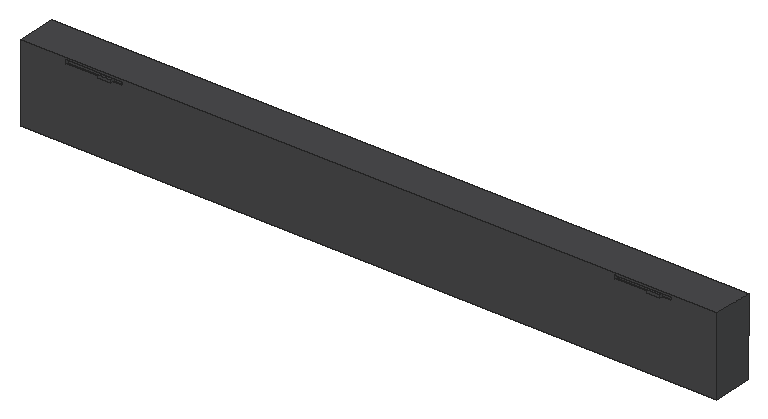
Revit family "DOT BLOCK CEILLING 646_DTSM30U6.1.15", category Luminarias, Revit 2019
Family settings
  Cota de conector redondo = Diámetro de uso
  Tipo de pieza = Normal
  Se basa en plano de trabajo = Sí
  Siempre vertical = Sí
  Corte con vacíos al cargar = No
  Origen de luz = Sí
  Compartido = No
  Punto de cálculo de habitación = No
Parameters (values of type "DOT BLOCK CEILLING 646_DTSM30U6.1.15")
  Ángulo de inclinación = 60.00°
  Zone [instance] = ""
  Watt per fixture = 30
  Wattage = 30 W
  built-in parameter 1150107 = 2700 (stored number, unit not read)
  built-in parameter 1150110 = 1 (stored number, unit not read)
  built-in parameter 1150109 = 1 (stored number, unit not read)
  built-in parameter 1150112 = 1 (stored number, unit not read)
  built-in parameter 1150113 = 1 (stored number, unit not read)
  built-in parameter 1114218 = 1 (stored number, unit not read)
  Keynote = ""
  built-in parameter 1150137 = (empty or 0)
  built-in parameter 1150132 = (empty or 0)
  Modelo = "DTSM30U6.1.15"
  Lámpara = "3030SMD PHILIPS"
  built-in parameter 1150105 = 195.76 (stored number, unit not read)
  built-in parameter 1150102 = (empty or 0)
  built-in parameter 1150106 = 1.9576 (stored number, unit not read)
  Lumens = 2460 lm
  Color Filter = 16777215
  built-in parameter 1114217 = 1 (stored number, unit not read)
  built-in parameter 1150139 = (empty or 0)
  Fabricante = "BRILLANT"
  Default Elevation = 1219.2 mm
  built-in parameter 1150104 = 7.618 (stored number, unit not read)
  Descripción = "LUMINARIA DOWNLIGHT EN FORMATO RECTANGULAR PARA SOBREPONER DIRECTO EN TECHO, CUERPO DE ALUMINIO ACABADO EN COLOR NEGRO, IP 20, PESO 1.40Kg, TIPO DE LED 3030SMD PHILIPS CON 30W TOTAL, 2300 LUMENES, 82LM/W, IRC 90, TEMPERATURA EN BLANCO CALIDO 2700K, 50 MIL HORAS DE VIDA PROMEDIO, APERTURA DE 15 GRADOS POR PROYECTO, ALIMENTADO A 90-240V"
  built-in parameter 1150115 = 1 (stored number, unit not read)
  built-in parameter 1150114 = 1 (stored number, unit not read)
  Comentarios de vataje = "90-240V"
  built-in parameter 1150138 = (empty or 0)
  built-in parameter 1150134 = (empty or 0)
  Circuit [instance] = ""
  Dimming Lamp Color Temperature Shift = (empty or 0)
  Archivo de red fotométrica = "L646A-30W-827-B-15_IESNA95.IES"
  built-in parameter 1150133 = 10 (stored number, unit not read)
Reference planes
  plane 1 "Centro (Frontal/Posterior)": y = 0
  plane 2: z = 0
  plane 3 "Centro (Izquierda/Derecha)": x = 0
Forms (mm)
  Extrusion 1, solid, material "Default Form", not visible
    sketch origin (0, 0, 0) x (1, 0, 0) y (0, 0, 1)
      loop
        line (-473, 0) -> (-473, -72) -> (473, -72) -> (473, 0) -> (-473, 0)
    from -18.326 to 18.326
  Blend 2, void, not visible
    base sketch origin (-293.63, 0, 0) x (1, 0, 0) y (0, 1, 0)
      loop
        line (-162, 16.149) -> (-162, -16.149) -> (-144.14, -16.149) -> (-144.14, 16.149) -> (-162, 16.149)
    top sketch origin (-293.63, 0, 0) x (1, 0, 0) y (0, 1, 0)
      loop
        line (-160, 12.149) -> (-160, -12.149) -> (-146.14, -12.149) -> (-146.14, 12.149) -> (-160, 12.149)
    from -72 to -61.591
  Blend 3, void, not visible
    base sketch origin (-267.33, 0, 0) x (1, 0, 0) y (0, 1, 0)
      loop
        line (-162, 16.149) -> (-162, -16.149) -> (-144.14, -16.149) -> (-144.14, 16.149) -> (-162, 16.149)
    top sketch origin (-267.33, 0, 0) x (1, 0, 0) y (0, 1, 0)
      loop
        line (-160, 12.149) -> (-160, -12.149) -> (-146.14, -12.149) -> (-146.14, 12.149) -> (-160, 12.149)
    from -72 to -61.591
  Blend 4, void, not visible
    base sketch origin (-241.03, 0, 0) x (1, 0, 0) y (0, 1, 0)
      loop
        line (-162, 16.149) -> (-162, -16.149) -> (-144.14, -16.149) -> (-144.14, 16.149) -> (-162, 16.149)
    top sketch origin (-241.03, 0, 0) x (1, 0, 0) y (0, 1, 0)
      loop
        line (-160, 12.149) -> (-160, -12.149) -> (-146.14, -12.149) -> (-146.14, 12.149) -> (-160, 12.149)
    from -72 to -61.591
  Blend 5, void, not visible
    base sketch origin (-214.73, 0, 0) x (1, 0, 0) y (0, 1, 0)
      loop
        line (-162, 16.149) -> (-162, -16.149) -> (-144.14, -16.149) -> (-144.14, 16.149) -> (-162, 16.149)
    top sketch origin (-214.73, 0, 0) x (1, 0, 0) y (0, 1, 0)
      loop
        line (-160, 12.149) -> (-160, -12.149) -> (-146.14, -12.149) -> (-146.14, 12.149) -> (-160, 12.149)
    from -72 to -61.591
  Blend 6, void, not visible
    base sketch origin (-188.43, 0, 0) x (1, 0, 0) y (0, 1, 0)
      loop
        line (-162, 16.149) -> (-162, -16.149) -> (-144.14, -16.149) -> (-144.14, 16.149) -> (-162, 16.149)
    top sketch origin (-188.43, 0, 0) x (1, 0, 0) y (0, 1, 0)
      loop
        line (-160, 12.149) -> (-160, -12.149) -> (-146.14, -12.149) -> (-146.14, 12.149) -> (-160, 12.149)
    from -72 to -61.591
  Blend 7, void, not visible
    base sketch origin (-162.13, 0, 0) x (1, 0, 0) y (0, 1, 0)
      loop
        line (-162, 16.149) -> (-162, -16.149) -> (-144.14, -16.149) -> (-144.14, 16.149) -> (-162, 16.149)
    top sketch origin (-162.13, 0, 0) x (1, 0, 0) y (0, 1, 0)
      loop
        line (-160, 12.149) -> (-160, -12.149) -> (-146.14, -12.149) -> (-146.14, 12.149) -> (-160, 12.149)
    from -72 to -61.591
  Blend 8, void, not visible
    base sketch origin (-135.83, 0, 0) x (1, 0, 0) y (0, 1, 0)
      loop
        line (-162, 16.149) -> (-162, -16.149) -> (-144.14, -16.149) -> (-144.14, 16.149) -> (-162, 16.149)
    top sketch origin (-135.83, 0, 0) x (1, 0, 0) y (0, 1, 0)
      loop
        line (-160, 12.149) -> (-160, -12.149) -> (-146.14, -12.149) -> (-146.14, 12.149) -> (-160, 12.149)
    from -72 to -61.591
  Blend 9, void, not visible
    base sketch origin (-109.53, 0, 0) x (1, 0, 0) y (0, 1, 0)
      loop
        line (-162, 16.149) -> (-162, -16.149) -> (-144.14, -16.149) -> (-144.14, 16.149) -> (-162, 16.149)
    top sketch origin (-109.53, 0, 0) x (1, 0, 0) y (0, 1, 0)
      loop
        line (-160, 12.149) -> (-160, -12.149) -> (-146.14, -12.149) -> (-146.14, 12.149) -> (-160, 12.149)
    from -72 to -61.591
  Blend 10, void, not visible
    base sketch origin (-83.23, 0, 0) x (1, 0, 0) y (0, 1, 0)
      loop
        line (-162, 16.149) -> (-162, -16.149) -> (-144.14, -16.149) -> (-144.14, 16.149) -> (-162, 16.149)
    top sketch origin (-83.23, 0, 0) x (1, 0, 0) y (0, 1, 0)
      loop
        line (-160, 12.149) -> (-160, -12.149) -> (-146.14, -12.149) -> (-146.14, 12.149) -> (-160, 12.149)
    from -72 to -61.591
  Blend 11, void, not visible
    base sketch origin (-56.93, 0, 0) x (1, 0, 0) y (0, 1, 0)
      loop
        line (-162, 16.149) -> (-162, -16.149) -> (-144.14, -16.149) -> (-144.14, 16.149) -> (-162, 16.149)
    top sketch origin (-56.93, 0, 0) x (1, 0, 0) y (0, 1, 0)
      loop
        line (-160, 12.149) -> (-160, -12.149) -> (-146.14, -12.149) -> (-146.14, 12.149) -> (-160, 12.149)
    from -72 to -61.591
  Blend 12, void, not visible
    base sketch origin (-30.63, 0, 0) x (1, 0, 0) y (0, 1, 0)
      loop
        line (-162, 16.149) -> (-162, -16.149) -> (-144.14, -16.149) -> (-144.14, 16.149) -> (-162, 16.149)
    top sketch origin (-30.63, 0, 0) x (1, 0, 0) y (0, 1, 0)
      loop
        line (-160, 12.149) -> (-160, -12.149) -> (-146.14, -12.149) -> (-146.14, 12.149) -> (-160, 12.149)
    from -72 to -61.591
  Blend 13, void, not visible
    base sketch origin (-4.33, 0, 0) x (1, 0, 0) y (0, 1, 0)
      loop
        line (-162, 16.149) -> (-162, -16.149) -> (-144.14, -16.149) -> (-144.14, 16.149) -> (-162, 16.149)
    top sketch origin (-4.33, 0, 0) x (1, 0, 0) y (0, 1, 0)
      loop
        line (-160, 12.149) -> (-160, -12.149) -> (-146.14, -12.149) -> (-146.14, 12.149) -> (-160, 12.149)
    from -72 to -61.591
  Blend 14, void, not visible
    base sketch origin (21.97, 0, 0) x (1, 0, 0) y (0, 1, 0)
      loop
        line (-162, 16.149) -> (-162, -16.149) -> (-144.14, -16.149) -> (-144.14, 16.149) -> (-162, 16.149)
    top sketch origin (21.97, 0, 0) x (1, 0, 0) y (0, 1, 0)
      loop
        line (-160, 12.149) -> (-160, -12.149) -> (-146.14, -12.149) -> (-146.14, 12.149) -> (-160, 12.149)
    from -72 to -61.591
  Blend 15, void, not visible
    base sketch origin (48.27, 0, 0) x (1, 0, 0) y (0, 1, 0)
      loop
        line (-162, 16.149) -> (-162, -16.149) -> (-144.14, -16.149) -> (-144.14, 16.149) -> (-162, 16.149)
    top sketch origin (48.27, 0, 0) x (1, 0, 0) y (0, 1, 0)
      loop
        line (-160, 12.149) -> (-160, -12.149) -> (-146.14, -12.149) -> (-146.14, 12.149) -> (-160, 12.149)
    from -72 to -61.591
  Blend 16, void, not visible
    base sketch origin (74.57, 0, 0) x (1, 0, 0) y (0, 1, 0)
      loop
        line (-162, 16.149) -> (-162, -16.149) -> (-144.14, -16.149) -> (-144.14, 16.149) -> (-162, 16.149)
    top sketch origin (74.57, 0, 0) x (1, 0, 0) y (0, 1, 0)
      loop
        line (-160, 12.149) -> (-160, -12.149) -> (-146.14, -12.149) -> (-146.14, 12.149) -> (-160, 12.149)
    from -72 to -61.591
  Blend 17, void, not visible
    base sketch origin (100.87, 0, 0) x (1, 0, 0) y (0, 1, 0)
      loop
        line (-162, 16.149) -> (-162, -16.149) -> (-144.14, -16.149) -> (-144.14, 16.149) -> (-162, 16.149)
    top sketch origin (100.87, 0, 0) x (1, 0, 0) y (0, 1, 0)
      loop
        line (-160, 12.149) -> (-160, -12.149) -> (-146.14, -12.149) -> (-146.14, 12.149) -> (-160, 12.149)
    from -72 to -61.591
  Blend 18, void, not visible
    base sketch origin (127.17, 0, 0) x (1, 0, 0) y (0, 1, 0)
      loop
        line (-162, 16.149) -> (-162, -16.149) -> (-144.14, -16.149) -> (-144.14, 16.149) -> (-162, 16.149)
    top sketch origin (127.17, 0, 0) x (1, 0, 0) y (0, 1, 0)
      loop
        line (-160, 12.149) -> (-160, -12.149) -> (-146.14, -12.149) -> (-146.14, 12.149) -> (-160, 12.149)
    from -72 to -61.591
  Blend 19, void, not visible
    base sketch origin (153.47, 0, 0) x (1, 0, 0) y (0, 1, 0)
      loop
        line (-162, 16.149) -> (-162, -16.149) -> (-144.14, -16.149) -> (-144.14, 16.149) -> (-162, 16.149)
    top sketch origin (153.47, 0, 0) x (1, 0, 0) y (0, 1, 0)
      loop
        line (-160, 12.149) -> (-160, -12.149) -> (-146.14, -12.149) -> (-146.14, 12.149) -> (-160, 12.149)
    from -72 to -61.591
  Blend 20, void, not visible
    base sketch origin (179.77, 0, 0) x (1, 0, 0) y (0, 1, 0)
      loop
        line (-162, 16.149) -> (-162, -16.149) -> (-144.14, -16.149) -> (-144.14, 16.149) -> (-162, 16.149)
    top sketch origin (179.77, 0, 0) x (1, 0, 0) y (0, 1, 0)
      loop
        line (-160, 12.149) -> (-160, -12.149) -> (-146.14, -12.149) -> (-146.14, 12.149) -> (-160, 12.149)
    from -72 to -61.591
  Blend 21, void, not visible
    base sketch origin (206.07, 0, 0) x (1, 0, 0) y (0, 1, 0)
      loop
        line (-162, 16.149) -> (-162, -16.149) -> (-144.14, -16.149) -> (-144.14, 16.149) -> (-162, 16.149)
    top sketch origin (206.07, 0, 0) x (1, 0, 0) y (0, 1, 0)
      loop
        line (-160, 12.149) -> (-160, -12.149) -> (-146.14, -12.149) -> (-146.14, 12.149) -> (-160, 12.149)
    from -72 to -61.591
  Blend 22, void, not visible
    base sketch origin (232.37, 0, 0) x (1, 0, 0) y (0, 1, 0)
      loop
        line (-162, 16.149) -> (-162, -16.149) -> (-144.14, -16.149) -> (-144.14, 16.149) -> (-162, 16.149)
    top sketch origin (232.37, 0, 0) x (1, 0, 0) y (0, 1, 0)
      loop
        line (-160, 12.149) -> (-160, -12.149) -> (-146.14, -12.149) -> (-146.14, 12.149) -> (-160, 12.149)
    from -72 to -61.591
  Blend 23, void, not visible
    base sketch origin (258.67, 0, 0) x (1, 0, 0) y (0, 1, 0)
      loop
        line (-162, 16.149) -> (-162, -16.149) -> (-144.14, -16.149) -> (-144.14, 16.149) -> (-162, 16.149)
    top sketch origin (258.67, 0, 0) x (1, 0, 0) y (0, 1, 0)
      loop
        line (-160, 12.149) -> (-160, -12.149) -> (-146.14, -12.149) -> (-146.14, 12.149) -> (-160, 12.149)
    from -72 to -61.591
  Blend 24, void, not visible
    base sketch origin (284.97, 0, 0) x (1, 0, 0) y (0, 1, 0)
      loop
        line (-162, 16.149) -> (-162, -16.149) -> (-144.14, -16.149) -> (-144.14, 16.149) -> (-162, 16.149)
    top sketch origin (284.97, 0, 0) x (1, 0, 0) y (0, 1, 0)
      loop
        line (-160, 12.149) -> (-160, -12.149) -> (-146.14, -12.149) -> (-146.14, 12.149) -> (-160, 12.149)
    from -72 to -61.591
  Blend 25, void, not visible
    base sketch origin (311.27, 0, 0) x (1, 0, 0) y (0, 1, 0)
      loop
        line (-162, 16.149) -> (-162, -16.149) -> (-144.14, -16.149) -> (-144.14, 16.149) -> (-162, 16.149)
    top sketch origin (311.27, 0, 0) x (1, 0, 0) y (0, 1, 0)
      loop
        line (-160, 12.149) -> (-160, -12.149) -> (-146.14, -12.149) -> (-146.14, 12.149) -> (-160, 12.149)
    from -72 to -61.591
  Blend 26, void, not visible
    base sketch origin (337.57, 0, 0) x (1, 0, 0) y (0, 1, 0)
      loop
        line (-162, 16.149) -> (-162, -16.149) -> (-144.14, -16.149) -> (-144.14, 16.149) -> (-162, 16.149)
    top sketch origin (337.57, 0, 0) x (1, 0, 0) y (0, 1, 0)
      loop
        line (-160, 12.149) -> (-160, -12.149) -> (-146.14, -12.149) -> (-146.14, 12.149) -> (-160, 12.149)
    from -72 to -61.591
  Blend 27, void, not visible
    base sketch origin (363.87, 0, 0) x (1, 0, 0) y (0, 1, 0)
      loop
        line (-162, 16.149) -> (-162, -16.149) -> (-144.14, -16.149) -> (-144.14, 16.149) -> (-162, 16.149)
    top sketch origin (363.87, 0, 0) x (1, 0, 0) y (0, 1, 0)
      loop
        line (-160, 12.149) -> (-160, -12.149) -> (-146.14, -12.149) -> (-146.14, 12.149) -> (-160, 12.149)
    from -72 to -61.591
  Blend 28, void, not visible
    base sketch origin (390.17, 0, 0) x (1, 0, 0) y (0, 1, 0)
      loop
        line (-162, 16.149) -> (-162, -16.149) -> (-144.14, -16.149) -> (-144.14, 16.149) -> (-162, 16.149)
    top sketch origin (390.17, 0, 0) x (1, 0, 0) y (0, 1, 0)
      loop
        line (-160, 12.149) -> (-160, -12.149) -> (-146.14, -12.149) -> (-146.14, 12.149) -> (-160, 12.149)
    from -72 to -61.591
  Blend 29, void, not visible
    base sketch origin (416.47, 0, 0) x (1, 0, 0) y (0, 1, 0)
      loop
        line (-162, 16.149) -> (-162, -16.149) -> (-144.14, -16.149) -> (-144.14, 16.149) -> (-162, 16.149)
    top sketch origin (416.47, 0, 0) x (1, 0, 0) y (0, 1, 0)
      loop
        line (-160, 12.149) -> (-160, -12.149) -> (-146.14, -12.149) -> (-146.14, 12.149) -> (-160, 12.149)
    from -72 to -61.591
  Blend 30, void, not visible
    base sketch origin (442.77, 0, 0) x (1, 0, 0) y (0, 1, 0)
      loop
        line (-162, 16.149) -> (-162, -16.149) -> (-144.14, -16.149) -> (-144.14, 16.149) -> (-162, 16.149)
    top sketch origin (442.77, 0, 0) x (1, 0, 0) y (0, 1, 0)
      loop
        line (-160, 12.149) -> (-160, -12.149) -> (-146.14, -12.149) -> (-146.14, 12.149) -> (-160, 12.149)
    from -72 to -61.591
  Blend 31, void, not visible
    base sketch origin (469.07, 0, 0) x (1, 0, 0) y (0, 1, 0)
      loop
        line (-162, 16.149) -> (-162, -16.149) -> (-144.14, -16.149) -> (-144.14, 16.149) -> (-162, 16.149)
    top sketch origin (469.07, 0, 0) x (1, 0, 0) y (0, 1, 0)
      loop
        line (-160, 12.149) -> (-160, -12.149) -> (-146.14, -12.149) -> (-146.14, 12.149) -> (-160, 12.149)
    from -72 to -61.591
  Blend 32, void, not visible
    base sketch origin (495.37, 0, 0) x (1, 0, 0) y (0, 1, 0)
      loop
        line (-162, 16.149) -> (-162, -16.149) -> (-144.14, -16.149) -> (-144.14, 16.149) -> (-162, 16.149)
    top sketch origin (495.37, 0, 0) x (1, 0, 0) y (0, 1, 0)
      loop
        line (-160, 12.149) -> (-160, -12.149) -> (-146.14, -12.149) -> (-146.14, 12.149) -> (-160, 12.149)
    from -72 to -61.591
  Blend 33, void, not visible
    base sketch origin (521.67, 0, 0) x (1, 0, 0) y (0, 1, 0)
      loop
        line (-162, 16.149) -> (-162, -16.149) -> (-144.14, -16.149) -> (-144.14, 16.149) -> (-162, 16.149)
    top sketch origin (521.67, 0, 0) x (1, 0, 0) y (0, 1, 0)
      loop
        line (-160, 12.149) -> (-160, -12.149) -> (-146.14, -12.149) -> (-146.14, 12.149) -> (-160, 12.149)
    from -72 to -61.591
  Blend 34, void, not visible
    base sketch origin (547.97, 0, 0) x (1, 0, 0) y (0, 1, 0)
      loop
        line (-162, 16.149) -> (-162, -16.149) -> (-144.14, -16.149) -> (-144.14, 16.149) -> (-162, 16.149)
    top sketch origin (547.97, 0, 0) x (1, 0, 0) y (0, 1, 0)
      loop
        line (-160, 12.149) -> (-160, -12.149) -> (-146.14, -12.149) -> (-146.14, 12.149) -> (-160, 12.149)
    from -72 to -61.591
  Blend 35, void, not visible
    base sketch origin (574.27, 0, 0) x (1, 0, 0) y (0, 1, 0)
      loop
        line (-162, 16.149) -> (-162, -16.149) -> (-144.14, -16.149) -> (-144.14, 16.149) -> (-162, 16.149)
    top sketch origin (574.27, 0, 0) x (1, 0, 0) y (0, 1, 0)
      loop
        line (-160, 12.149) -> (-160, -12.149) -> (-146.14, -12.149) -> (-146.14, 12.149) -> (-160, 12.149)
    from -72 to -61.591
  Blend 36, void, not visible
    base sketch origin (600.57, 0, 0) x (1, 0, 0) y (0, 1, 0)
      loop
        line (-162, 16.149) -> (-162, -16.149) -> (-144.14, -16.149) -> (-144.14, 16.149) -> (-162, 16.149)
    top sketch origin (600.57, 0, 0) x (1, 0, 0) y (0, 1, 0)
      loop
        line (-160, 12.149) -> (-160, -12.149) -> (-146.14, -12.149) -> (-146.14, 12.149) -> (-160, 12.149)
    from -72 to -61.591
  Extrusion 37, solid, not visible
    sketch origin (-463.861, 0, 3.217) x (0, -1, 0) y (0, 0, -1)
      loop
        line (18.326, 3.217) -> (-18.326, 3.217) -> (-18.326, 73.917) -> (-32.183, 73.917) -> (-32.183, 72.617) -> (-19.626, 72.617) -> (-19.626, 1.917) -> (19.626, 1.917) -> (19.626, 72.617) -> (32.183, 72.617) -> (32.183, 73.917) -> (18.326, 73.917) -> (18.326, 3.217)
    from 89.098 to 128.24
  Extrusion 38, solid, not visible
    sketch origin (-246.523, 0, 3.217) x (0, -1, 0) y (0, 0, 1)
      loop
        line (-19.626, -1.917) -> (19.626, -1.917) -> (19.626, -63.89) -> (20.426, -63.89) -> (20.426, -1.117) -> (-20.426, -1.117) -> (-20.426, -63.89) -> (-19.626, -63.89) -> (-19.626, -1.917)
    from 122.954 to 124.098
  Extrusion 39, solid, not visible
    sketch origin (-463.861, 0, 3.217) x (0, -1, 0) y (0, 0, -1)
      loop
        line (-19.626, 1.917) -> (-19.626, 63.89) -> (-20.426, 63.89) -> (-20.426, 1.117) -> (20.426, 1.117) -> (20.426, 63.89) -> (19.626, 63.89) -> (19.626, 1.917) -> (-19.626, 1.917)
    from 122.954 to 124.098
  Extrusion 40, void, not visible
    sketch origin (0, 0, 0) x (1, 0, 0) y (0, 1, 0)
      loop
        circle (-363.799, -25.904) r 2.055
      loop
        circle (-346.585, -25.904) r 2.055
      loop
        circle (-363.799, 25.904) r 2.055
      loop
        circle (-346.585, 25.904) r 2.055
    from -70.7 to -69.4
  Blend 41, void
    base sketch origin (74.57, 130.851, 72) x (1, 0, 0) y (0, 1, 0)
      loop
        line (-162, -147) -> (-144.14, -147) -> (-144.14, -114.702) -> (-162, -114.702) -> (-162, -147)
    top sketch origin (74.57, 130.851, 72) x (1, 0, 0) y (0, 1, 0)
      loop
        line (-160, -143) -> (-146.14, -143) -> (-146.14, -118.702) -> (-160, -118.702) -> (-160, -143)
    from -72 to -61.591
  Blend 42, void
    base sketch origin (100.87, 130.851, 72) x (1, 0, 0) y (0, 1, 0)
      loop
        line (-162, -147) -> (-144.14, -147) -> (-144.14, -114.702) -> (-162, -114.702) -> (-162, -147)
    top sketch origin (100.87, 130.851, 72) x (1, 0, 0) y (0, 1, 0)
      loop
        line (-160, -143) -> (-146.14, -143) -> (-146.14, -118.702) -> (-160, -118.702) -> (-160, -143)
    from -72 to -61.591
  Blend 43, void
    base sketch origin (127.17, 130.851, 72) x (1, 0, 0) y (0, 1, 0)
      loop
        line (-162, -147) -> (-144.14, -147) -> (-144.14, -114.702) -> (-162, -114.702) -> (-162, -147)
    top sketch origin (127.17, 130.851, 72) x (1, 0, 0) y (0, 1, 0)
      loop
        line (-160, -143) -> (-146.14, -143) -> (-146.14, -118.702) -> (-160, -118.702) -> (-160, -143)
    from -72 to -61.591
  Blend 44, void
    base sketch origin (153.47, 130.851, 72) x (1, 0, 0) y (0, 1, 0)
      loop
        line (-162, -147) -> (-144.14, -147) -> (-144.14, -114.702) -> (-162, -114.702) -> (-162, -147)
    top sketch origin (153.47, 130.851, 72) x (1, 0, 0) y (0, 1, 0)
      loop
        line (-160, -143) -> (-146.14, -143) -> (-146.14, -118.702) -> (-160, -118.702) -> (-160, -143)
    from -72 to -61.591
  Blend 45, void
    base sketch origin (179.77, 130.851, 72) x (1, 0, 0) y (0, 1, 0)
      loop
        line (-162, -147) -> (-144.14, -147) -> (-144.14, -114.702) -> (-162, -114.702) -> (-162, -147)
    top sketch origin (179.77, 130.851, 72) x (1, 0, 0) y (0, 1, 0)
      loop
        line (-160, -143) -> (-146.14, -143) -> (-146.14, -118.702) -> (-160, -118.702) -> (-160, -143)
    from -72 to -61.591
  Blend 46, void
    base sketch origin (206.07, 130.851, 72) x (1, 0, 0) y (0, 1, 0)
      loop
        line (-162, -147) -> (-144.14, -147) -> (-144.14, -114.702) -> (-162, -114.702) -> (-162, -147)
    top sketch origin (206.07, 130.851, 72) x (1, 0, 0) y (0, 1, 0)
      loop
        line (-160, -143) -> (-146.14, -143) -> (-146.14, -118.702) -> (-160, -118.702) -> (-160, -143)
    from -72 to -61.591
  Blend 47, void
    base sketch origin (232.37, 130.851, 72) x (1, 0, 0) y (0, 1, 0)
      loop
        line (-162, -147) -> (-144.14, -147) -> (-144.14, -114.702) -> (-162, -114.702) -> (-162, -147)
    top sketch origin (232.37, 130.851, 72) x (1, 0, 0) y (0, 1, 0)
      loop
        line (-160, -143) -> (-146.14, -143) -> (-146.14, -118.702) -> (-160, -118.702) -> (-160, -143)
    from -72 to -61.591
  Extrusion 48, solid, material "Default Form"
    sketch origin (0, 0, 72) x (1, 0, 0) y (0, 0, -1)
      loop
        line (-323, 0) -> (323, 0) -> (323, 72) -> (-323, 72) -> (-323, 0)
    from -18.326 to 18.326
  Blend 49, void
    base sketch origin (258.67, 130.851, 72) x (1, 0, 0) y (0, 1, 0)
      loop
        line (-162, -147) -> (-144.14, -147) -> (-144.14, -114.702) -> (-162, -114.702) -> (-162, -147)
    top sketch origin (258.67, 130.851, 72) x (1, 0, 0) y (0, 1, 0)
      loop
        line (-160, -143) -> (-146.14, -143) -> (-146.14, -118.702) -> (-160, -118.702) -> (-160, -143)
    from -72 to -61.591
  Blend 50, void
    base sketch origin (284.97, 130.851, 72) x (1, 0, 0) y (0, 1, 0)
      loop
        line (-162, -147) -> (-144.14, -147) -> (-144.14, -114.702) -> (-162, -114.702) -> (-162, -147)
    top sketch origin (284.97, 130.851, 72) x (1, 0, 0) y (0, 1, 0)
      loop
        line (-160, -143) -> (-146.14, -143) -> (-146.14, -118.702) -> (-160, -118.702) -> (-160, -143)
    from -72 to -61.591
  Blend 51, void
    base sketch origin (21.97, 130.851, 72) x (1, 0, 0) y (0, 1, 0)
      loop
        line (-162, -147) -> (-144.14, -147) -> (-144.14, -114.702) -> (-162, -114.702) -> (-162, -147)
    top sketch origin (21.97, 130.851, 72) x (1, 0, 0) y (0, 1, 0)
      loop
        line (-160, -143) -> (-146.14, -143) -> (-146.14, -118.702) -> (-160, -118.702) -> (-160, -143)
    from -72 to -61.591
  Blend 52, void
    base sketch origin (48.27, 130.851, 72) x (1, 0, 0) y (0, 1, 0)
      loop
        line (-162, -147) -> (-144.14, -147) -> (-144.14, -114.702) -> (-162, -114.702) -> (-162, -147)
    top sketch origin (48.27, 130.851, 72) x (1, 0, 0) y (0, 1, 0)
      loop
        line (-160, -143) -> (-146.14, -143) -> (-146.14, -118.702) -> (-160, -118.702) -> (-160, -143)
    from -72 to -61.591
  Extrusion 53, void
    sketch origin (-158.75, 0, 0) x (1, 0, 0) y (0, 1, 0)
      loop
        line (-122.17, -18.326) -> (-69.57, -18.326) -> (-69.57, -16.149) -> (-122.17, -16.149) -> (-122.17, -18.326)
      loop
        line (-122.17, 18.326) -> (-122.17, 16.149) -> (-69.57, 16.149) -> (-69.57, 18.326) -> (-122.17, 18.326)
    from 66.852 to 70.535
  Extrusion 54, solid, material "Default Form"
    sketch origin (125, 0, 0) x (1, 0, 0) y (0, 1, 0)
      loop
        line (146.935, -16.149) -> (145.601, -16.149) -> (145.601, -18.326) -> (135.101, -18.326) -> (135.101, -20.238) -> (146.935, -20.238) -> (146.935, -16.149)
      loop
        line (146.935, 16.149) -> (146.935, 20.238) -> (135.101, 20.238) -> (135.101, 18.326) -> (145.601, 18.326) -> (145.601, 16.149) -> (146.935, 16.149)
      loop
        line (-362.305, -16.149) -> (-363.639, -16.149) -> (-363.639, -18.326) -> (-374.139, -18.326) -> (-374.139, -20.238) -> (-362.305, -20.238) -> (-362.305, -16.149)
      loop
        line (-362.305, 16.149) -> (-362.305, 20.238) -> (-374.139, 20.238) -> (-374.139, 18.326) -> (-363.639, 18.326) -> (-363.639, 16.149) -> (-362.305, 16.149)
    from 67.466 to 69.773
  Extrusion 55, void
    sketch origin (158.75, 0, 0) x (-1, 0, 0) y (0, -1, 0)
      loop
        line (-122.17, 18.326) -> (-122.17, 16.149) -> (-69.57, 16.149) -> (-69.57, 18.326) -> (-122.17, 18.326)
      loop
        line (-122.17, -18.326) -> (-69.57, -18.326) -> (-69.57, -16.149) -> (-122.17, -16.149) -> (-122.17, -18.326)
    from 66.852 to 70.535
  Blend 56, void
    base sketch origin (311.27, 130.851, 72) x (1, 0, 0) y (0, 1, 0)
      loop
        line (-162, -147) -> (-144.14, -147) -> (-144.14, -114.702) -> (-162, -114.702) -> (-162, -147)
    top sketch origin (311.27, 130.851, 72) x (1, 0, 0) y (0, 1, 0)
      loop
        line (-160, -143) -> (-146.14, -143) -> (-146.14, -118.702) -> (-160, -118.702) -> (-160, -143)
    from -72 to -61.591
  Blend 57, void
    base sketch origin (337.57, 130.851, 72) x (1, 0, 0) y (0, 1, 0)
      loop
        line (-162, -147) -> (-144.14, -147) -> (-144.14, -114.702) -> (-162, -114.702) -> (-162, -147)
    top sketch origin (337.57, 130.851, 72) x (1, 0, 0) y (0, 1, 0)
      loop
        line (-160, -143) -> (-146.14, -143) -> (-146.14, -118.702) -> (-160, -118.702) -> (-160, -143)
    from -72 to -61.591
  Blend 58, void
    base sketch origin (363.87, 130.851, 72) x (1, 0, 0) y (0, 1, 0)
      loop
        line (-162, -147) -> (-144.14, -147) -> (-144.14, -114.702) -> (-162, -114.702) -> (-162, -147)
    top sketch origin (363.87, 130.851, 72) x (1, 0, 0) y (0, 1, 0)
      loop
        line (-160, -143) -> (-146.14, -143) -> (-146.14, -118.702) -> (-160, -118.702) -> (-160, -143)
    from -72 to -61.591
  Blend 59, void
    base sketch origin (390.17, 130.851, 72) x (1, 0, 0) y (0, 1, 0)
      loop
        line (-162, -147) -> (-144.14, -147) -> (-144.14, -114.702) -> (-162, -114.702) -> (-162, -147)
    top sketch origin (390.17, 130.851, 72) x (1, 0, 0) y (0, 1, 0)
      loop
        line (-160, -143) -> (-146.14, -143) -> (-146.14, -118.702) -> (-160, -118.702) -> (-160, -143)
    from -72 to -61.591
  Blend 60, void
    base sketch origin (-30.63, 130.851, 72) x (1, 0, 0) y (0, 1, 0)
      loop
        line (-162, -147) -> (-144.14, -147) -> (-144.14, -114.702) -> (-162, -114.702) -> (-162, -147)
    top sketch origin (-30.63, 130.851, 72) x (1, 0, 0) y (0, 1, 0)
      loop
        line (-160, -143) -> (-146.14, -143) -> (-146.14, -118.702) -> (-160, -118.702) -> (-160, -143)
    from -72 to -61.591
  Blend 61, void
    base sketch origin (-4.33, 130.851, 72) x (1, 0, 0) y (0, 1, 0)
      loop
        line (-162, -147) -> (-144.14, -147) -> (-144.14, -114.702) -> (-162, -114.702) -> (-162, -147)
    top sketch origin (-4.33, 130.851, 72) x (1, 0, 0) y (0, 1, 0)
      loop
        line (-160, -143) -> (-146.14, -143) -> (-146.14, -118.702) -> (-160, -118.702) -> (-160, -143)
    from -72 to -61.591
  Blend 62, void
    base sketch origin (-83.23, 130.851, 72) x (1, 0, 0) y (0, 1, 0)
      loop
        line (-162, -147) -> (-144.14, -147) -> (-144.14, -114.702) -> (-162, -114.702) -> (-162, -147)
    top sketch origin (-83.23, 130.851, 72) x (1, 0, 0) y (0, 1, 0)
      loop
        line (-160, -143) -> (-146.14, -143) -> (-146.14, -118.702) -> (-160, -118.702) -> (-160, -143)
    from -72 to -61.591
  Blend 63, void
    base sketch origin (-56.93, 130.851, 72) x (1, 0, 0) y (0, 1, 0)
      loop
        line (-162, -147) -> (-144.14, -147) -> (-144.14, -114.702) -> (-162, -114.702) -> (-162, -147)
    top sketch origin (-56.93, 130.851, 72) x (1, 0, 0) y (0, 1, 0)
      loop
        line (-160, -143) -> (-146.14, -143) -> (-146.14, -118.702) -> (-160, -118.702) -> (-160, -143)
    from -72 to -61.591
Cuts and joins
  Blend 41, Blend 42, Blend 43, Blend 44, Blend 45, Blend 46, Blend 47, Blend 49, Blend 50, Blend 51, Blend 52, Extrusion 53, Extrusion 55, Blend 56, Blend 57, Blend 58, Blend 59, Blend 60, Blend 61, Blend 62, Blend 63 cuts Extrusion 48
  Extrusion 55 cuts Extrusion 54
Dimensions and locks
  cut or joined group 1 (Blend 41, Blend 42, Blend 43, Blend 44, Blend 45, Blend 46, Blend 47, Extrusion 48, Blend 49, Blend 50, Blend 51, Blend 52, Extrusion 53, Extrusion 55, Blend 56, Blend 57, Blend 58, Blend 59, Blend 60, Blend 61, Blend 62, Blend 63) to cut or joined group 1 = 72 mm  (x2)
  cut or joined group 1 to cut or joined group 1 = 36.651 mm
  cut or joined group 1 to cut or joined group 1 = 646 mm
  cut or joined group 1 to cut or joined group 1 = 42.08 mm  (x2)
  aligned and locked: level to plane 2
Connectors
  electrical at (0, 0, 72)
    settings: on cut or joined group 1, index 1, voltage 0 V, apparent load 0 VA, apparent load phase1 0 VA, apparent load phase2 0 VA, apparent load phase3 0 VA, power factor 1, load classification "Otro", number of poles 1, system type 31, power factor state 1, is connector primary yes, connector utility no, sub classification motor no, connector description ""
